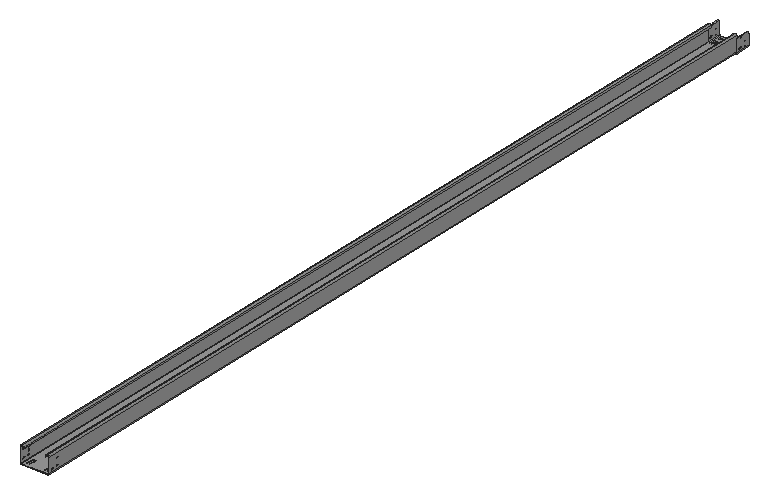
Revit family "MKSM Magic Kabelrinne FS610_615_620_630_640_650_660.jóóóó", category Generic Models, Revit 2017
Family settings
  Can host rebar = No
  Round Connector Dimension = Use Diameter
  Part Type = Normal
  Work Plane-Based = No
  Always vertical = Yes
  Cut with Voids When Loaded = No
  Shared = No
  Room Calculation Point = No
Parameters (values of type "MKSMU 610 FS")
  Width 2 = 6.5 mm
  Width 1 = Width / 2  # 50 mm
  Width = 100 mm
  URL = "http://www.obo-bettermann.com"
  Material = Strip-galvanised
  Manufacturer Art.No. = "6059230"
  Manufacturer = "OBO BETTERMANN"
  Length 2 = 49.812 mm
  Length 1 = 3000 mm
  Length = 3050 mm
  GTIN = "4012195831341"
  Cut's number = 2
  Article Type = "MKSMU 610 FS"
Types (8, lengths in mm): name | Width 1 | Width | Manufacturer Art.No. | GTIN | Article Type
  (no name) | 50 | 100 | "6059230" | "4012195831341" | "MKSMU 610 FS"
  MKSMU 610 FS | 50 | 100 | "6059230" | "4012195831341" | "MKSMU 610 FS"
  MKSMU 615 FS | 75 | 150 | "6059232" | "4012195831358" | "MKSMU 615 FS"
  MKSMU 620 FS | 100 | 200 | "6059234" | "4012195831365" | "MKSMU 620 FS"
  MKSMU 630 FS | 150 | 300 | "6059237" | "4012195831372" | "MKSMU 630 FS"
  MKSMU 640 FS | 200 | 400 | "6059239" | "4012195831389" | "MKSMU 640 FS"
  MKSMU 650 FS | 250 | 500 | "6059241" | "4012195831396" | "MKSMU 650 FS"
  MKSMU 660 FS | 300 | 600 | "6059243" | "4012195831402" | "MKSMU 660 FS"
Reference planes
  plane 1 "Center (Front/Back)": y = 0
  plane 2: z = 0
  plane 3 "Center (Left/Right)": x = 0
  plane 4: z = 60
  plane 5: z = 54
  plane 6: x = -43.935
  plane 7: z = 51
  plane 8: z = 51.02
  plane 9: x = 43.979
  plane 10: z = 54
  plane 11: x = -31
  plane 12: x = 31
  plane 13: z = -3.5
  plane 14: x = -31
  plane 15: x = 31
  plane 16: z = -3.5
  plane 17: y = 36.35
  plane 18: y = 25.1
  plane 19: y = 20.35
  plane 20: z = 48.25
  plane 21: y = 3050
  plane 22: z = 12.61
  plane 23: y = 14.7
  plane 24: z = 14
  plane 25: y = 35.85
  plane 26: z = 26.675
  plane 27: z = 39
  plane 28: y = 3047
  plane 29: y = 3020
  plane 30: z = -1
  plane 31: z = 28.6
  plane 32: z = 15.75
  plane 33: y = 3022
  plane 34: z = -1.75
  plane 35: z = 11.5
  plane 36: y = 3013.41
  plane 37: z = 9.25
  plane 38: y = 3035
  plane 39: z = -1.75
  plane 40: y = 3035
  plane 41: z = 28.6
  plane 42: z = -1
  plane 43: y = 3020
  plane 44: z = 9.25
  plane 45: z = -1.75
  plane 46: y = 3035
  plane 47: z = 15.75
  plane 48: y = 3022
  plane 49: z = -1.75
  plane 50: y = 3013.5
  plane 51: z = 11.5
  plane 52: x = 0
  plane 53: y = 3024.58
  plane 54: x = 31
  plane 55: x = -31
  plane 56: x = 0
  plane 57: y = 3024.58
  plane 58: y = 3036.38
  plane 59: y = 3012.78
Forms (mm)
  Extrusion 1, solid, material "Strip-galvanised" <- "Material"
    sketch origin (0, 0, 0) x (1, 0, 0) y (0, 0, 1)
      loop
        line (-47.641, 0) -> (47.503, 0)
        arc (47.503, 0) -> (49.269, 0.731) -> (50, 2.497) r 2.497
        line (50, 2.497) -> (50, 54.379)
        arc (50, 54.379) -> (44.394, 59.984) -> (38.789, 54.379) r 5.606
        line (38.789, 54.379) -> (38.789, 51.02) -> (39.789, 51.02) -> (39.789, 54.379)
        arc (39.789, 54.379) -> (44.394, 58.984) -> (49, 54.379) r 4.606
        line (49, 54.379) -> (49, 2.756)
        arc (49, 2.756) -> (48.713, 1.54) -> (47.586, 1) r 1.447
        line (47.586, 1) -> (-47.641, 1)
        arc (-47.641, 1) -> (-48.602, 1.398) -> (-49, 2.359) r 1.359
        line (-49, 2.359) -> (-49, 54.354)
        arc (-49, 54.354) -> (-44.33, 59.024) -> (-39.661, 54.354) r 4.67
        line (-39.661, 54.354) -> (-39.661, 51.02) -> (-38.661, 51.02) -> (-38.661, 54.354)
        arc (-38.661, 54.354) -> (-44.33, 60.024) -> (-50, 54.354) r 5.67
        line (-50, 54.354) -> (-50, 2.359)
        arc (-50, 2.359) -> (-49.309, 0.691) -> (-47.641, 0) r 2.359
    from 0 to -3000.188
  Extrusion 2, solid
    sketch origin (0, 0, 0) x (1, 0, 0) y (0, 0, 1)
      loop
        line (-31, -3.5) -> (-24.938, 0) -> (-26.938, 0) -> (-31, -2.345) -> (-35.062, 0) -> (-37.062, 0) -> (-31, -3.5)
      loop
        line (31, -3.5) -> (37.062, 0) -> (35.062, 0) -> (31.08, -2.299) -> (27.097, 0) -> (24.938, 0) -> (31, -3.5)
    from -36.35 to -29.85
  Extrusion 3, solid
    sketch origin (0, 0, 0) x (1, 0, 0) y (0, 0, 1)
      loop
        line (-37.062, 0) -> (-31, -3.5) -> (-24.938, 0) -> (-26.938, 0) -> (-31, -2.345) -> (-35.062, 0) -> (-37.062, 0)
      loop
        line (24.938, 0) -> (31, -3.5) -> (37.062, 0) -> (35.062, 0) -> (31.08, -2.299) -> (27.097, 0) -> (24.938, 0)
    from -20.35 to -13.85
  Extrusion 4, void
    sketch origin (0, 0, 0) x (1, 0, 0) y (0, 1, 0)
      loop
        line (-35.062, 20.35) -> (-35.062, 13.85) -> (-26.938, 13.85) -> (-26.938, 20.35) -> (-35.062, 20.35)
      loop
        line (-35.062, 36.35) -> (-35.062, 29.85) -> (-26.938, 29.85) -> (-26.938, 36.35) -> (-35.062, 36.35)
      loop
        line (27.097, 36.35) -> (27.097, 29.85) -> (35.062, 29.85) -> (35.062, 36.35) -> (27.097, 36.35)
      loop
        line (27.097, 20.35) -> (27.097, 13.85) -> (35.062, 13.85) -> (35.062, 20.35) -> (27.097, 20.35)
    from 0 to 1
  Extrusion 5, solid, material "Strip-galvanised" <- "Material"
    sketch origin (0, 0, 0) x (1, 0, 0) y (0, 0, 1)
      loop
        line (-50, 48.25) -> (-51.8, 48.25) -> (-51.8, 2.5)
        arc (-51.8, 2.5) -> (-50.541, -0.541) -> (-47.5, -1.8) r 4.3
        line (-47.5, -1.8) -> (47.5, -1.8)
        arc (47.5, -1.8) -> (50.541, -0.541) -> (51.8, 2.5) r 4.3
        line (51.8, 2.5) -> (51.8, 48.25) -> (50, 48.25) -> (50, 2.5)
        arc (50, 2.5) -> (49.268, 0.732) -> (47.5, 0) r 2.5
        line (47.5, 0) -> (-47.5, 0)
        arc (-47.5, 0) -> (-49.268, 0.732) -> (-50, 2.5) r 2.5
        line (-50, 2.5) -> (-50, 48.25)
    from -3050 to -3000.188
  Extrusion 6, void
    sketch origin (0, 0, 0) x (0, 1, 0) y (0, 0, 1)
      loop
        arc (10.7, 16.61) -> (6.7, 12.61) -> (10.7, 8.61) r 4
        line (10.7, 8.61) -> (18.7, 8.61)
        arc (18.7, 8.61) -> (22.7, 12.61) -> (18.7, 16.61) r 4
        line (18.7, 16.61) -> (10.7, 16.61)
    from 49 to 50
  Extrusion 7, void
    sketch origin (0, 0, 0) x (0, 1, 0) y (0, 0, 1)
      loop
        arc (32.081, 17.5) -> (28.35, 13.769) -> (32.081, 10.038) r 3.731
        line (32.081, 10.038) -> (39.619, 10.038)
        arc (39.619, 10.038) -> (43.35, 13.769) -> (39.619, 17.5) r 3.731
        line (39.619, 17.5) -> (32.081, 17.5)
    from 49 to 50
  Extrusion 8, void
    sketch origin (0, 0, 0) x (0, 1, 0) y (0, 0, 1)
      loop
        line (32.35, 30.675) -> (32.35, 22.675) -> (40.35, 22.675) -> (40.35, 30.675) -> (32.35, 30.675)
    from 49 to 50
  Extrusion 9, void
    sketch origin (0, 0, 0) x (0, 1, 0) y (0, 0, 1)
      loop
        arc (32.35, 42.676) -> (28.85, 39.176) -> (32.35, 35.676) r 3.5
        line (32.35, 35.676) -> (40.35, 35.676)
        arc (40.35, 35.676) -> (43.85, 39.176) -> (40.35, 42.676) r 3.5
        line (40.35, 42.676) -> (32.35, 42.676)
    from 49 to 50
  Extrusion 10, void
    sketch origin (0, 0, 0) x (0, 1, 0) y (0, 0, 1)
      loop
        line (18.7, 16.61) -> (10.7, 16.61)
        arc (10.7, 16.61) -> (6.7, 12.61) -> (10.7, 8.61) r 4
        line (10.7, 8.61) -> (18.7, 8.61)
        arc (18.7, 8.61) -> (22.7, 12.61) -> (18.7, 16.61) r 4
    from -50 to -49
  Extrusion 11, void
    sketch origin (0, 0, 0) x (0, 1, 0) y (0, 0, 1)
      loop
        line (39.619, 17.5) -> (32.081, 17.5)
        arc (32.081, 17.5) -> (28.35, 13.769) -> (32.081, 10.038) r 3.731
        line (32.081, 10.038) -> (39.619, 10.038)
        arc (39.619, 10.038) -> (43.35, 13.769) -> (39.619, 17.5) r 3.731
    from -50 to -49
  Extrusion 12, void
    sketch origin (0, 0, 0) x (0, 1, 0) y (0, 0, 1)
      loop
        line (40.35, 30.675) -> (32.35, 30.675) -> (32.35, 22.675) -> (40.35, 22.675) -> (40.35, 30.675)
    from -50 to -49
  Extrusion 13, void
    sketch origin (0, 0, 0) x (0, 1, 0) y (0, 0, 1)
      loop
        line (40.35, 42.676) -> (32.35, 42.676)
        arc (32.35, 42.676) -> (28.85, 39.176) -> (32.35, 35.676) r 3.5
        line (32.35, 35.676) -> (40.35, 35.676)
        arc (40.35, 35.676) -> (43.85, 39.176) -> (40.35, 42.676) r 3.5
    from -50 to -49
  Extrusion 14, void
    sketch origin (0, 0, 0) x (0, 1, 0) y (0, 0, 1)
      loop
        line (3046.971, 48.25) -> (3050, 39.928) -> (3050, 48.25) -> (3046.971, 48.25)
    from 50 to 51.8
  Extrusion 15, void
    sketch origin (0, 0, 0) x (0, 1, 0) y (0, 0, 1)
      loop
        line (3020, 28.6) -> (3022.501, 28.6) -> (3022.501, 39.949) -> (3025.522, 48.25) -> (3014.481, 48.25) -> (3017.501, 39.953) -> (3017.501, 30.1)
        arc (3017.501, 30.1) -> (3017.94, 29.039) -> (3019.001, 28.6) r 1.5
        line (3019.001, 28.6) -> (3020, 28.6)
    from 50 to 51.8
  Extrusion 16, void
    sketch origin (0, 0, 0) x (0, 1, 0) y (0, 0, 1)
      loop
        arc (3009.25, 15.75) -> (3005, 11.5) -> (3009.25, 7.25) r 4.25
        line (3009.25, 7.25) -> (3017.683, 7.25)
        arc (3017.683, 7.25) -> (3021.933, 11.5) -> (3017.683, 15.75) r 4.25
        line (3017.683, 15.75) -> (3009.25, 15.75)
    from 50 to 51.8
  Extrusion 17, void
    sketch origin (0, 0, 0) x (0, 1, 0) y (0, 0, 1)
      loop
        circle (3035, 9.25) r 4.5
    from 50 to 51.8
  Extrusion 18, void
    sketch origin (0, 0, 0) x (0, 1, 0) y (0, 0, 1)
      loop
        arc (3030.5, 28.6) -> (3030.146, 28.454) -> (3030, 28.1) r 0.5
        line (3030, 28.1) -> (3030, 25.1)
        arc (3030, 25.1) -> (3030.146, 24.746) -> (3030.5, 24.6) r 0.5
        line (3030.5, 24.6) -> (3039.5, 24.6)
        arc (3039.5, 24.6) -> (3039.854, 24.746) -> (3040, 25.1) r 0.5
        line (3040, 25.1) -> (3040, 28.1)
        arc (3040, 28.1) -> (3039.854, 28.454) -> (3039.5, 28.6) r 0.5
        line (3039.5, 28.6) -> (3030.5, 28.6)
    from 50 to 51.8
  Extrusion 19, void
    sketch origin (0, 0, 0) x (0, 1, 0) y (0, 0, 1)
      loop
        line (3050, 48.25) -> (3046.971, 48.25) -> (3050, 39.928) -> (3050, 48.25)
    from -51.8 to -50
  Extrusion 20, void
    sketch origin (0, 0, 0) x (0, 1, 0) y (0, 0, 1)
      loop
        line (3025.522, 48.25) -> (3014.481, 48.25) -> (3017.501, 39.953) -> (3017.501, 30.1)
        arc (3017.501, 30.1) -> (3017.94, 29.039) -> (3019.001, 28.6) r 1.5
        line (3019.001, 28.6) -> (3022.501, 28.6) -> (3022.501, 39.949) -> (3025.522, 48.25)
    from -51.8 to -50
  Extrusion 21, void
    sketch origin (0, 0, 0) x (0, 1, 0) y (0, 0, 1)
      loop
        line (3039.5, 28.6) -> (3030.5, 28.6)
        arc (3030.5, 28.6) -> (3030.146, 28.454) -> (3030, 28.1) r 0.5
        line (3030, 28.1) -> (3030, 25.1)
        arc (3030, 25.1) -> (3030.146, 24.746) -> (3030.5, 24.6) r 0.5
        line (3030.5, 24.6) -> (3039.5, 24.6)
        arc (3039.5, 24.6) -> (3039.854, 24.746) -> (3040, 25.1) r 0.5
        line (3040, 25.1) -> (3040, 28.1)
        arc (3040, 28.1) -> (3039.854, 28.454) -> (3039.5, 28.6) r 0.5
    from -51.8 to -50
  Extrusion 22, void
    sketch origin (0, 0, 0) x (0, 1, 0) y (0, 0, 1)
      loop
        circle (3035, 9.25) r 4.5
    from -51.8 to -50
  Extrusion 23, void
    sketch origin (0, 0, 0) x (0, 1, 0) y (0, 0, 1)
      loop
        line (3017.683, 15.75) -> (3009.25, 15.75)
        arc (3009.25, 15.75) -> (3005, 11.5) -> (3009.25, 7.25) r 4.25
        line (3009.25, 7.25) -> (3017.683, 7.25)
        arc (3017.683, 7.25) -> (3021.933, 11.5) -> (3017.683, 15.75) r 4.25
    from -51.8 to -50
  Extrusion 24, void
    sketch origin (0, 0, 0) x (1, 0, 0) y (0, 1, 0)
      loop
        line (-8, 3028.08) -> (-8, 3021.08) -> (8, 3021.08) -> (8, 3028.08) -> (-8, 3028.08)
    from -1.8 to 0
  Extrusion 25, void
    sketch origin (0, 0, 0) x (1, 0, 0) y (0, 1, 0)
      loop
        line (23, 3040.18) -> (23, 3032.58) -> (39, 3032.58) -> (39, 3040.18) -> (23, 3040.18)
      loop
        line (-39, 3040.18) -> (-39, 3032.58) -> (-23, 3032.58) -> (-23, 3040.18) -> (-39, 3040.18)
      loop
        line (-39, 3016.817) -> (-39, 3009.217) -> (-23, 3009.217) -> (-23, 3016.817) -> (-39, 3016.817)
      loop
        line (23, 3016.817) -> (23, 3009.217) -> (39, 3009.217) -> (39, 3016.817) -> (23, 3016.817)
    from -1.8 to 0
Cuts and joins
  Extrusion 4, Extrusion 6, Extrusion 7, Extrusion 8, Extrusion 9, Extrusion 10, Extrusion 11, Extrusion 12, Extrusion 13 cuts Extrusion 1
  Extrusion 14, Extrusion 15, Extrusion 16, Extrusion 17, Extrusion 18, Extrusion 19, Extrusion 20, Extrusion 21, Extrusion 22, Extrusion 23, Extrusion 24, Extrusion 25 cuts Extrusion 5
Dimensions and locks
  locked: plane 4 to level at 60
  plane 4 to plane 7 = 9 mm
  plane 4 to plane 8 = 8.98 mm
  locked: Extrusion 1 sketch curve to Extrusion 1 sketch curve at 1  (x5)
  locked: Extrusion 1 sketch curve to Extrusion 1 sketch curve at 51.02  (x2)
  plane 3 "Center (Left/Right)" to plane 11 = 31 mm
  plane 12 to plane 3 "Center (Left/Right)" = 31 mm
  Extrusion 1 sketch curve to plane 13 = 3.5 mm
  "Width": Extrusion 1 sketch curve to Extrusion 1 sketch curve
  "Width 1": plane 3 "Center (Left/Right)" to Extrusion 1 sketch curve
  locked: Extrusion 1 sketch curve to Extrusion 1 sketch curve at 60.024
  locked: Extrusion 1 sketch curve to Extrusion 1 sketch curve at 59.984
  locked: Extrusion 1 sketch curve to Extrusion 1 sketch curve at 58.024
  locked: Extrusion 1 sketch curve to Extrusion 1 sketch curve at 57.984
  plane 3 "Center (Left/Right)" to plane 14 = 31 mm
  plane 15 to plane 3 "Center (Left/Right)" = 31 mm
  locked: Extrusion 2 sketch curve to Extrusion 2 sketch curve at 1  (x3)
  locked: Extrusion 2 sketch curve to Extrusion 2 sketch curve at 1.08
  locked: Extrusion 1 to plane 17 at 36.35
  "Width 2": Extrusion 2 to Extrusion 2
  locked: Extrusion 2 to Extrusion 2 at 1  (x3)
  locked: Extrusion 2 to Extrusion 2 at 1.08
  locked: plane 18 to Extrusion 2 at 4.75
  locked: plane 19 to plane 18 at 4.75
  "Width 2": Extrusion 3 to Extrusion 3
  locked: plane 20 to level at 48.25
  locked: Extrusion 5 sketch curve to cut or joined group 1 (Extrusion 1, Extrusion 4, Extrusion 6, Extrusion 7, Extrusion 8, Extrusion 9, Extrusion 10, Extrusion 11, Extrusion 12, Extrusion 13) at 1.8  (x2)
  locked: cut or joined group 1 to Extrusion 5 sketch curve at 1.8
  locked: Extrusion 5 sketch curve to cut or joined group 1 at 48.25  (x2)
  "Length 2": Extrusion 5 to Extrusion 5
  "Length": plane 1 "Center (Front/Back)" to plane 21
  plane 22 to level = 12.61 mm
  locked: Extrusion 6 sketch curve to Extrusion 6 sketch curve at 8
  locked: plane 22 to Extrusion 6 sketch curve at 4
  locked: Extrusion 6 sketch curve to plane 23 at 8
  locked: plane 23 to Extrusion 6 sketch curve at 8
  Extrusion 7 sketch curve to Extrusion 7 sketch curve = 7.462 mm
  locked: plane 24 to Extrusion 7 sketch curve at 3.5
  locked: Extrusion 7 sketch curve to plane 25 at 7.5
  locked: plane 25 to Extrusion 7 sketch curve at 7.5
  plane 26 to level = 26.675 mm
  locked: Extrusion 8 sketch curve to Extrusion 8 sketch curve at 8  (x2)
  locked: plane 17 to Extrusion 8 sketch curve at 4
  locked: plane 26 to Extrusion 8 sketch curve at 4
  locked: plane 27 to level at 39
  locked: Extrusion 9 sketch curve to Extrusion 9 sketch curve at 7
  locked: Extrusion 9 sketch curve to plane 17 at 7.5
  locked: plane 17 to Extrusion 9 sketch curve at 7.5
  locked: Extrusion 9 sketch curve to cut or joined group 1 at 5.001
  locked: cut or joined group 1 to cut or joined group 1 at 6.7
  locked: Extrusion 10 sketch curve to level at 8.61
  locked: Extrusion 10 sketch curve to Extrusion 10 sketch curve at 8
  locked: Extrusion 10 sketch curve to cut or joined group 1 at 22.7
  locked: cut or joined group 1 to cut or joined group 1 at 28.35
  locked: Extrusion 11 sketch curve to level at 10.038
  locked: Extrusion 11 sketch curve to Extrusion 11 sketch curve at 7.462
  locked: Extrusion 11 sketch curve to cut or joined group 1 at 43.35
  locked: cut or joined group 1 to cut or joined group 1 at 32.35
  locked: cut or joined group 1 to level at 22.675
  locked: cut or joined group 1 to cut or joined group 1 at 8  (x2)
  locked: cut or joined group 1 to cut or joined group 1 at 5.001
  locked: cut or joined group 1 to cut or joined group 1 at 7
  locked: cut or joined group 1 to cut or joined group 1 at 28.85
  locked: cut or joined group 1 to cut or joined group 1 at 43.85
  locked: plane 29 to cut or joined group 2 (Extrusion 5, Extrusion 14, Extrusion 15, Extrusion 16, Extrusion 17, Extrusion 18, Extrusion 19, Extrusion 20, Extrusion 21, Extrusion 22, Extrusion 23, Extrusion 24, Extrusion 25) at 30
  locked: plane 31 to plane 30 at 29.6
  locked: Extrusion 15 sketch curve to Extrusion 15 sketch curve at 5
  locked: cut or joined group 2 to plane 34 at 50
  locked: plane 32 to plane 34 at 17.5
  locked: Extrusion 16 sketch curve to Extrusion 16 sketch curve at 8.5
  locked: Extrusion 16 sketch curve to plane 33 at 17
  locked: plane 36 to Extrusion 16 sketch curve at 8.523
  Extrusion 16 sketch curve to plane 36 = 8.41 mm
  locked: plane 35 to Extrusion 16 sketch curve at 4.25
  locked: cut or joined group 2 to plane 39 at 50
  locked: plane 37 to plane 39 at 11
  locked: plane 38 to cut or joined group 2 at 15
  locked: Extrusion 17 sketch curve to cut or joined group 2 at 10.5
  locked: Extrusion 17 sketch curve to plane 39 at 6.5
  locked: cut or joined group 2 to plane 42 at 49.25
  locked: plane 40 to cut or joined group 2 at 15
  locked: plane 41 to plane 42 at 29.6
  locked: Extrusion 18 sketch curve to Extrusion 18 sketch curve at 10
  locked: plane 40 to Extrusion 18 sketch curve at 5
  locked: Extrusion 18 sketch curve to Extrusion 18 sketch curve at 4
  locked: Extrusion 18 sketch curve to cut or joined group 2 at 19.65
  locked: cut or joined group 2 to plane 43 at 30
  locked: cut or joined group 2 to cut or joined group 2 at 5
  locked: cut or joined group 2 to cut or joined group 2 at 4
  locked: cut or joined group 2 to cut or joined group 2 at 10
  locked: plane 44 to plane 45 at 11
  cut or joined group 2 to cut or joined group 2 = 34.5 mm
  cut or joined group 2 to cut or joined group 2 = 10.85 mm
  locked: cut or joined group 2 to plane 49 at 50
  locked: plane 47 to plane 49 at 17.5
  locked: plane 48 to plane 50 at 8.5
  locked: plane 47 to plane 51 at 4.25
  locked: plane 48 to cut or joined group 2 at 0.067
  locked: plane 48 to cut or joined group 2 at 17
  locked: cut or joined group 2 to plane 49 at 17.5
  locked: Extrusion 24 sketch curve to Extrusion 24 sketch curve at 16
  locked: Extrusion 24 sketch curve to Extrusion 24 sketch curve at 7
  locked: plane 52 to Extrusion 24 sketch curve at 8
  locked: plane 53 to Extrusion 24 sketch curve at 3.5
  locked: plane 21 to plane 53 at 25.42
  locked: plane 56 to plane 54 at 31
  locked: plane 55 to plane 56 at 31
  locked: plane 21 to plane 57 at 25.42
  locked: plane 58 to plane 57 at 11.8
  locked: plane 57 to plane 59 at 11.8
  locked: Extrusion 25 sketch curve to Extrusion 25 sketch curve at 16  (x3)
  locked: plane 55 to Extrusion 25 sketch curve at 8
  locked: Extrusion 25 sketch curve to Extrusion 25 sketch curve at 7.6  (x4)
  locked: plane 58 to Extrusion 25 sketch curve at 3.8
  locked: plane 54 to Extrusion 25 sketch curve at 8
  plane 32 to plane 34 = 17.5 mm
  radius of Extrusion 1 sketch curve = 5.67 mm
  radius of Extrusion 1 sketch curve = 5.606 mm
  diameter of Extrusion 17 sketch curve = 9 mm
  aligned and locked: level to plane 2
  aligned and locked: Extrusion 1 to level
  aligned and locked: plane 2 to Extrusion 2 sketch curve
  aligned and locked: Extrusion 2 sketch curve to level  (x3)
  aligned and locked: level to Extrusion 2 sketch curve
  aligned and locked: plane 17 to Extrusion 2
  aligned and locked: Extrusion 3 sketch curve to level  (x4)
  aligned and locked: Extrusion 3 to Extrusion 2  (x3)
  aligned and locked: Extrusion 3 to plane 19
  aligned and locked: Extrusion 4 sketch curve to plane 19  (x2)
  aligned and locked: Extrusion 4 sketch curve to Extrusion 3  (x3)
  aligned and locked: Extrusion 4 sketch curve to Extrusion 2  (x3)
  aligned and locked: Extrusion 4 sketch curve to Extrusion 4 sketch curve  (x6)
  aligned and locked: Extrusion 4 sketch curve to plane 17  (x2)
  aligned and locked: Extrusion 4 to level
  aligned and locked: Extrusion 1 to Extrusion 4
  aligned and locked: cut or joined group 1 to Extrusion 5 sketch curve  (x2)
  aligned and locked: Extrusion 5 sketch curve to level
  aligned and locked: Extrusion 5 to cut or joined group 1
  aligned and locked: plane 21 to Extrusion 5
  aligned and locked: Extrusion 1 to Extrusion 5
  aligned and locked: Extrusion 1 to Extrusion 6  (x2)
  aligned and locked: Extrusion 1 to Extrusion 7  (x2)
  aligned and locked: Extrusion 1 to Extrusion 8  (x2)
  aligned and locked: Extrusion 1 to Extrusion 9  (x2)
  aligned and locked: Extrusion 1 to Extrusion 10  (x2)
  aligned and locked: Extrusion 1 to Extrusion 11  (x2)
  aligned and locked: Extrusion 12 sketch curve to cut or joined group 1  (x4)
  aligned and locked: Extrusion 1 to Extrusion 12  (x2)
  aligned and locked: Extrusion 13 sketch curve to cut or joined group 1  (x2)
  aligned and locked: Extrusion 1 to Extrusion 13  (x2)
  aligned and locked: Extrusion 14 sketch curve to Extrusion 5
  aligned and locked: Extrusion 14 sketch curve to plane 21
  aligned and locked: Extrusion 14 to cut or joined group 1
  aligned and locked: Extrusion 5 to Extrusion 14
  aligned and locked: Extrusion 15 sketch curve to plane 31
  aligned and locked: Extrusion 15 sketch curve to cut or joined group 2
  aligned and locked: Extrusion 15 to Extrusion 5
  aligned and locked: Extrusion 15 to cut or joined group 1
  aligned and locked: Extrusion 16 to cut or joined group 1
  aligned and locked: Extrusion 5 to Extrusion 16
  aligned and locked: Extrusion 17 to cut or joined group 1
  aligned and locked: Extrusion 5 to Extrusion 17
  aligned and locked: Extrusion 18 to cut or joined group 1
  aligned and locked: Extrusion 5 to Extrusion 18
  aligned and locked: Extrusion 19 sketch curve to cut or joined group 2
  aligned and locked: plane 21 to Extrusion 19 sketch curve
  aligned and locked: Extrusion 19 to cut or joined group 1
  aligned and locked: Extrusion 19 to Extrusion 5
  aligned and locked: Extrusion 20 sketch curve to cut or joined group 2  (x4)
  aligned and locked: Extrusion 20 to cut or joined group 1
  aligned and locked: Extrusion 20 to Extrusion 5
  aligned and locked: Extrusion 21 sketch curve to cut or joined group 2  (x4)
  aligned and locked: Extrusion 21 to cut or joined group 1
  aligned and locked: Extrusion 5 to Extrusion 21
  aligned and locked: Extrusion 5 to Extrusion 22
  aligned and locked: Extrusion 22 to cut or joined group 1
  aligned and locked: Extrusion 23 sketch curve to cut or joined group 2
  aligned and locked: plane 47 to Extrusion 23 sketch curve
  aligned and locked: Extrusion 23 to cut or joined group 1
  aligned and locked: Extrusion 5 to Extrusion 23
  aligned and locked: Extrusion 5 to Extrusion 24
  aligned and locked: level to Extrusion 24
  aligned and locked: plane 56 to plane 3 "Center (Left/Right)"
  aligned and locked: Extrusion 25 sketch curve to Extrusion 25 sketch curve  (x5)
  aligned and locked: Extrusion 5 to Extrusion 25
  aligned and locked: level to Extrusion 25
Automatic sketch dimensions
  Extrusion 2 sketch curve to plane 14 = 0 mm  (x2)
  Extrusion 2 sketch curve to plane 15 = 0 mm
  Extrusion 2 sketch curve to plane 16 = 0 mm  (x2)
  plane 15 to Extrusion 2 sketch curve = 0.08 mm
  plane 16 to Extrusion 2 sketch curve = 1.155 mm
  plane 16 to Extrusion 2 sketch curve = 1.201 mm
  Extrusion 3 sketch curve to plane 3 "Center (Left/Right)" = 37.062 mm
  Extrusion 3 sketch curve to Extrusion 3 sketch curve = 2 mm  (x3)
  Extrusion 3 sketch curve to level = 3.5 mm  (x2)
  Extrusion 3 sketch curve to Extrusion 3 sketch curve = 4.062 mm  (x2)
  Extrusion 3 sketch curve to level = 2.345 mm
  Extrusion 3 sketch curve to Extrusion 3 sketch curve = 0 mm
  plane 3 "Center (Left/Right)" to Extrusion 3 sketch curve = 24.938 mm
  Extrusion 3 sketch curve to Extrusion 3 sketch curve = 2.159 mm
  Extrusion 3 sketch curve to Extrusion 3 sketch curve = 3.903 mm
  Extrusion 3 sketch curve to level = 2.299 mm
  Extrusion 3 sketch curve to Extrusion 3 sketch curve = 0.08 mm
  Extrusion 3 sketch curve to Extrusion 3 sketch curve = 3.982 mm
  Extrusion 5 sketch curve to Extrusion 5 sketch curve = 0 mm  (x2)
  Extrusion 5 sketch curve to Extrusion 5 sketch curve = 2.5 mm
  level to Extrusion 5 sketch curve = 2.5 mm
  Extrusion 7 sketch curve to plane 25 = 3.769 mm
  Extrusion 10 sketch curve to plane 19 = 9.65 mm
  Extrusion 11 sketch curve to plane 17 = 4.269 mm
  Extrusion 13 sketch curve to plane 17 = 4 mm
  plane 17 to Extrusion 13 sketch curve = 4 mm
  Extrusion 14 sketch curve to plane 28 = 0.029 mm
  Extrusion 14 sketch curve to Extrusion 14 sketch curve = 8.322 mm
  Extrusion 15 sketch curve to plane 29 = 0 mm
  Extrusion 15 sketch curve to plane 29 = 0.999 mm
  plane 31 to Extrusion 15 sketch curve = 1.5 mm
  Extrusion 15 sketch curve to plane 29 = 5.519 mm
  plane 29 to Extrusion 15 sketch curve = 5.522 mm
  Extrusion 15 sketch curve to Extrusion 15 sketch curve = 0.004 mm
  Extrusion 15 sketch curve to Extrusion 15 sketch curve = 8.297 mm
  Extrusion 18 sketch curve to Extrusion 18 sketch curve = 0.5 mm  (x4)
  Extrusion 19 sketch curve to plane 21 = 3.029 mm
  Extrusion 19 sketch curve to Extrusion 19 sketch curve = 8.322 mm
  plane 43 to Extrusion 20 sketch curve = 5.519 mm
  plane 43 to Extrusion 20 sketch curve = 0.999 mm
  Extrusion 20 sketch curve to plane 43 = 5.522 mm
  Extrusion 20 sketch curve to Extrusion 20 sketch curve = 8.301 mm
  Extrusion 20 sketch curve to Extrusion 20 sketch curve = 0.004 mm
  Extrusion 21 sketch curve to Extrusion 21 sketch curve = 0.5 mm  (x4)
  Extrusion 22 sketch curve to plane 44 = 0 mm
  Extrusion 22 sketch curve to plane 46 = 0 mm
  plane 50 to Extrusion 23 sketch curve = 4.25 mm
  Extrusion 23 sketch curve to plane 50 = 4.183 mm
  Extrusion 25 sketch curve to plane 59 = 3.563 mm
  Extrusion 1 sketch curve to Extrusion 1 sketch curve = 0 mm
  Extrusion 1 sketch curve to Extrusion 1 sketch curve = 1.359 mm
  Extrusion 1 sketch curve to Extrusion 1 sketch curve = 1.497 mm
  Extrusion 1 sketch curve to Extrusion 1 sketch curve = 0.083 mm
  Extrusion 1 sketch curve to Extrusion 1 sketch curve = 0.05 mm
  radius of Extrusion 22 sketch curve = 4.5 mm
